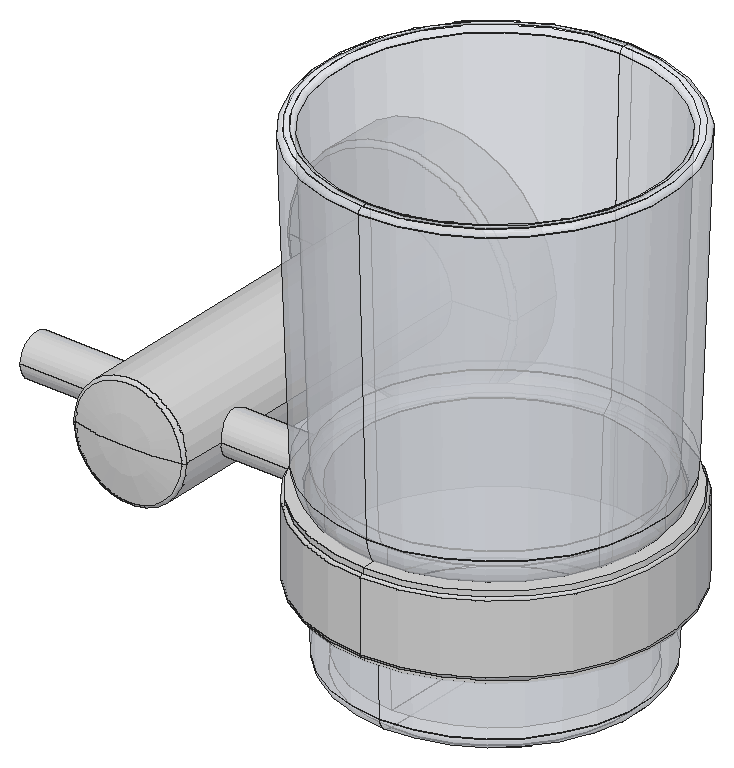
Revit family "Reece_Accessory_Posh_Solus MK2_Tumbler", category Plumbing Fixtures, Revit 2018
Family settings
  Round Connector Dimension = Use Diameter
  Part Type = Normal
  Work Plane-Based = Yes
  Always vertical = Yes
  Cut with Voids When Loaded = Yes
  Shared = Yes
  Room Calculation Point = Yes
Parameters (values of type "Chrome")
  URL = "https://www.reece.com.au/product/-9506579"
  Type Comments = "Accessory"
  Reece_Product_Web Page = "https://www.reece.com.au/product/-9506579"
  Reece_Product_Type = "Accessory"  # constant formula
  Reece_Product_Sub Brand = "Solus MK2"  # constant formula
  Reece_Product_Number = "9506579"
  Reece_Product_Mount = "Wall Mounted"
  Reece_Product_Description = "Posh Solus MK2 Single Tumbler Chrome"
  Reece_Product_Brand = "Posh"  # constant formula
  Reece_Overall_Width = 98 mm  # constant formula
  Reece_Overall_Length = 124 mm  # constant formula
  Reece_Overall_Height = 95 mm  # constant formula
  Reece_Material_Secondary = Reece_Safety Glass_Transparent
  Reece_Material_Main = Reece_Brass_Chrome
  Reece_Height_From_Level [instance] = 1000 mm
  Reece_Detail_Installation = "Wall Mounted"  # constant formula
  Reece_Detail_Disclaimer = "THIS FILE IS THE PROPERTY OF THE REECE GROUP. IT MAY NOT BE REPRODUCED, REVERSE-ENGINEERED OR MODIFIED. ANY REPUBLICATION, TRANSMISSION OR DISTRIBUTION FOR THE PURPOSE OF COMMERCIALLY EXPLOITING THE FILES IS PROHIBITED."  # constant formula
  Reece_Detail_Additional = "Tumbler"  # constant formula
  Model = "Solus MK2"
  Manufacturer = "Posh"
  Keynote = "Product #9506579, Reece_Accessory_Posh_Solus MK2_Tumbler - Chrome"
  Disclaimer = "THIS FILE IS THE PROPERTY OF THE REECE GROUP. IT MAY NOT BE REPRODUCED, REVERSE-ENGINEERED OR MODIFIED. ANY REPUBLICATION, TRANSMISSION OR DISTRIBUTION FOR THE PURPOSE OF COMMERCIALLY EXPLOITING THE FILES IS PROHIBITED."  # constant formula
  Description = "Posh Solus MK2 Single Tumbler Chrome"
  Default Elevation = 0 mm
Types (2, lengths in mm): name | Keynote
  (no name) | "Product #9506579, Reece_Accessory_Posh_Solus MK2_Tumbler -  "
  Chrome | "Product #9506579, Reece_Accessory_Posh_Solus MK2_Tumbler - Chrome"
Reference planes
  plane 1 "Center (Front/Back)": y = 0
  plane 2 "Bottom Host Plane": z = -5
  plane 3 "Center (Left/Right)": x = 0
  plane 4 "Height From Floor": z = 1000
  plane 5: z = 1072.072
  plane 6: z = 977.072
  plane 7: x = 62
  plane 8: x = -62
  plane 9: x = -33.622
  plane 10: y = -98
  plane 11: y = -64
Forms (mm)
  Revolve 1, solid, material "Reece_Brass_Chrome" <- "Reece_Material_Main"
    sketch origin (-33.614, 0, 1000) x (-1, 0, 0) y (0, -1, 0)
      loop
        line (-22.491, 0) -> (0.009, 0) -> (0.009, 78)
        arc (0.009, 78) -> (-5.243, 77.719) -> (-10.435, 76.88) r 49.27
        arc (-10.435, 76.88) -> (-10.841, 76.63) -> (-11, 76.18) r 0.717
        line (-11, 76.18) -> (-11, 11.227)
        arc (-11, 11.227) -> (-16.319, 10.8) -> (-21.621, 10.198) r 161.652
        arc (-21.621, 10.198) -> (-22.243, 9.866) -> (-22.491, 9.206) r 1
        line (-22.491, 9.206) -> (-22.491, 0)
      axis (0.009, 0) -> (0.009, 78)
    angle from 0 to 360
  Extrusion 2, void
    sketch origin (-33.622, 0, 1.369) x (0, 1, 0) y (0, 0, 1)
      loop
        arc (-19.236, 987.846) -> (-25.239, 989.033) -> (-31.24, 987.826) r 15.681
        line (-31.24, 987.826) -> (-31.24, 985.749) -> (-19.236, 985.749) -> (-19.236, 987.846)
      loop
        arc (-61.112, 987.798) -> (-64.25, 988.443) -> (-67.387, 987.798) r 7.952
        line (-67.387, 987.798) -> (-67.387, 985.749) -> (-61.112, 985.749) -> (-61.112, 987.798)
    from -14.856 to 13.37
  Revolve 3, solid, material "Reece_Safety Glass_Transparent" <- "Reece_Material_Secondary"
    sketch origin (28.3, -64, 389.125) x (0, -1, 0) y (0, 0, 1)
      loop
        line (0, 587.947) -> (25.627, 587.947)
        arc (25.627, 587.947) -> (27.609, 588.747) -> (28.478, 590.699) r 2.852
        line (28.478, 590.699) -> (29.452, 618.607)
        arc (29.452, 618.607) -> (31.018, 620.96) -> (31.632, 623.718) r 7.719
        line (31.632, 623.718) -> (33.664, 681.917)
        arc (33.664, 681.917) -> (33.385, 682.643) -> (32.67, 682.947) r 0.995
        line (32.67, 682.947) -> (31.656, 682.947)
        arc (31.656, 682.947) -> (30.967, 682.668) -> (30.665, 681.99) r 0.992
        line (30.665, 681.99) -> (28.634, 623.823)
        arc (28.634, 623.823) -> (28.028, 621.67) -> (26.5, 620.038) r 4.719
        line (26.5, 620.038) -> (25.485, 590.947) -> (0, 590.947) -> (0, 587.947)
      axis (0, 682.947) -> (0, 587.947)
    angle from 0 to 360
  Extrusion 4, solid, material "Reece_Brass_Chrome" <- "Reece_Material_Main"
    sketch origin (-32.769, -447.301, -212.994) x (0, -1, 0) y (0, 0, 1)
      loop
        circle (-383.301, 1212.994) r 4
    from -30.609 to 29.231
  Revolve 5, solid, material "Reece_Brass_Chrome" <- "Reece_Material_Main"
    sketch origin (28.3, -64, 389.125) x (0, -1, 0) y (0, 0, 1)
      loop
        line (29.7, 619.174) -> (29.7, 602.683) -> (32.228, 602.683) -> (32.228, 603.648)
        arc (32.228, 603.648) -> (32.809, 603.659) -> (33.106, 604.159) r 0.596
        arc (33.106, 604.159) -> (33.193, 610.921) -> (33.106, 617.683) r 261.3
        arc (33.106, 617.683) -> (32.912, 618.051) -> (32.502, 618.122) r 0.47
        line (32.502, 618.122) -> (32.502, 619.174) -> (29.7, 619.174)
      axis (0, 619.174) -> (0, 602.683)
    angle from 0 to 360
Cuts and joins
  Extrusion 2 cuts Revolve 1
  joined: Revolve 1, Extrusion 4
Lines and regions (mm)
  model lines, style "InvisibleLines"
    curve 1: line (0, 0, -5) -> (0, 0, 1000)
Text (mm)
  text "Reece ©" at (2668.853, -2395.367, 2952.593), in view "Reece Preview"
  text "Reece Copyright © 2018, Reece Ltd." at (-247.475, -190.626, 0), in view "Ref. Level"
Dimensions and locks
  plane 2 "Bottom Host Plane" to level = 5 mm
  locked: level to plane 2 "Bottom Host Plane" at 5
  "Reece_Height_From_Level": plane 4 "Height From Floor" to level
  "Reece_Overall_Height": plane 5 to plane 6
  equal spacing: plane 8, plane 3 "Center (Left/Right)", plane 7
  "Reece_Overall_Length": plane 8 to plane 7
  "Reece_Overall_Width": plane 10 to plane 1 "Center (Front/Back)"
  plane 11 to plane 1 "Center (Front/Back)" = 64 mm
  plane 9 to plane 3 "Center (Left/Right)" = 33.622 mm
  plane 5 to plane 4 "Height From Floor" = 72.072 mm
  aligned and locked: plane 2 "Bottom Host Plane" to curve 1
  aligned and locked: plane 4 "Height From Floor" to curve 1
Automatic sketch dimensions
  plane 3 "Center (Left/Right)" to curve 1 = 0 mm
  plane 1 "Center (Front/Back)" to Revolve 1 sketch curve = 0 mm
  Revolve 1 sketch curve to plane 3 "Center (Left/Right)" = 11.122 mm
  Revolve 1 sketch curve to Revolve 1 sketch curve = 1 mm
  Revolve 1 sketch curve to Revolve 1 sketch curve = 10.491 mm
  Revolve 1 sketch curve to Revolve 1 sketch curve = 0.717 mm
  Revolve 1 sketch curve to plane 3 "Center (Left/Right)" = 32.887 mm
  Revolve 1 sketch curve to plane 3 "Center (Left/Right)" = 33.622 mm  (x2)
  Revolve 1 sketch curve to plane 1 "Center (Front/Back)" = 150.098 mm
  plane 1 "Center (Front/Back)" to Revolve 1 sketch curve = 9.206 mm
  Revolve 1 sketch curve to Revolve 1 sketch curve = 1.029 mm
  Revolve 1 sketch curve to Revolve 1 sketch curve = 17.503 mm
  Revolve 1 sketch curve to Revolve 1 sketch curve = 1.82 mm
  Revolve 1 sketch curve to Revolve 1 sketch curve = 12.283 mm
  plane 1 "Center (Front/Back)" to Revolve 1 sketch curve = 4.909 mm
  plane 10 to Revolve 1 sketch curve = 21.82 mm
  Revolve 3 sketch curve to Revolve 3 sketch curve = 0 mm  (x3)
  plane 6 to Revolve 3 sketch curve = 0 mm
  plane 5 to Revolve 3 sketch curve = 0 mm
  Revolve 3 sketch curve to plane 11 = 0 mm
  plane 10 to Revolve 3 sketch curve = 10.082 mm
  plane 10 to Revolve 3 sketch curve = 8.515 mm
  Revolve 3 sketch curve to Revolve 3 sketch curve = 0.143 mm
  plane 10 to Revolve 3 sketch curve = 7.5 mm
  plane 10 to Revolve 3 sketch curve = 5.522 mm
  plane 10 to Revolve 3 sketch curve = 5.366 mm
  plane 10 to Revolve 3 sketch curve = 4.548 mm
  plane 10 to Revolve 3 sketch curve = 3.335 mm
  plane 10 to Revolve 3 sketch curve = 2.368 mm
  plane 10 to Revolve 3 sketch curve = 2.344 mm
  Revolve 3 sketch curve to Revolve 3 sketch curve = 1.014 mm
  plane 5 to Revolve 3 sketch curve = 1.029 mm
  Revolve 3 sketch curve to Revolve 3 sketch curve = 0.994 mm
  Revolve 3 sketch curve to plane 6 = 2.753 mm
  Revolve 3 sketch curve to Revolve 3 sketch curve = 0.148 mm
  plane 4 "Height From Floor" to Revolve 3 sketch curve = 7.732 mm
  Revolve 3 sketch curve to Revolve 3 sketch curve = 1.431 mm
  Revolve 3 sketch curve to Revolve 3 sketch curve = 5.111 mm
  Revolve 3 sketch curve to Revolve 3 sketch curve = 0.992 mm
  Revolve 3 sketch curve to Revolve 3 sketch curve = 26.616 mm
  Revolve 3 sketch curve to plane 6 = 1.314 mm
  plane 4 "Height From Floor" to Extrusion 4 sketch curve = 0 mm
  Extrusion 4 sketch curve to plane 11 = 0 mm
  Extrusion 2 sketch curve to plane 11 = 0.25 mm
  plane 11 to Extrusion 2 sketch curve = 2.888 mm
  Extrusion 2 sketch curve to plane 6 = 10.047 mm
  Extrusion 2 sketch curve to Extrusion 2 sketch curve = 29.872 mm
  plane 6 to Extrusion 2 sketch curve = 2.351 mm
  Extrusion 2 sketch curve to Extrusion 2 sketch curve = 6.022 mm
  Extrusion 2 sketch curve to Extrusion 2 sketch curve = 12.005 mm
  Extrusion 2 sketch curve to plane 6 = 4.789 mm
  Extrusion 2 sketch curve to Extrusion 2 sketch curve = 5.258 mm
  Extrusion 2 sketch curve to Extrusion 2 sketch curve = 2.097 mm
  Extrusion 2 sketch curve to Extrusion 2 sketch curve = 0.004 mm
  Extrusion 2 sketch curve to Extrusion 2 sketch curve = 2.049 mm  (x2)
  Revolve 5 sketch curve to plane 11 = 0 mm
  plane 4 "Height From Floor" to Revolve 5 sketch curve = 0.046 mm
  Revolve 5 sketch curve to plane 1 "Center (Front/Back)" = 164.107 mm
  plane 10 to Revolve 5 sketch curve = 4.3 mm
  plane 10 to Revolve 5 sketch curve = 1.772 mm
  plane 10 to Revolve 5 sketch curve = 1.498 mm
  Revolve 5 sketch curve to Revolve 5 sketch curve = 0.281 mm
  Revolve 5 sketch curve to Revolve 5 sketch curve = 0.133 mm
  Revolve 5 sketch curve to plane 4 "Height From Floor" = 6.701 mm
  Revolve 5 sketch curve to Revolve 5 sketch curve = 0.526 mm
  Revolve 5 sketch curve to Revolve 5 sketch curve = 0.965 mm
  plane 4 "Height From Floor" to Revolve 5 sketch curve = 6.796 mm
  Revolve 5 sketch curve to Revolve 5 sketch curve = 0.451 mm
  Revolve 5 sketch curve to Revolve 5 sketch curve = 1.053 mm
  Revolve 5 sketch curve to Revolve 5 sketch curve = 0 mm
  Revolve 5 sketch curve to plane 6 = 1.314 mm
  plane 6 to Revolve 5 sketch curve = 26.616 mm
  radius of Extrusion 4 sketch curve = 4 mm
